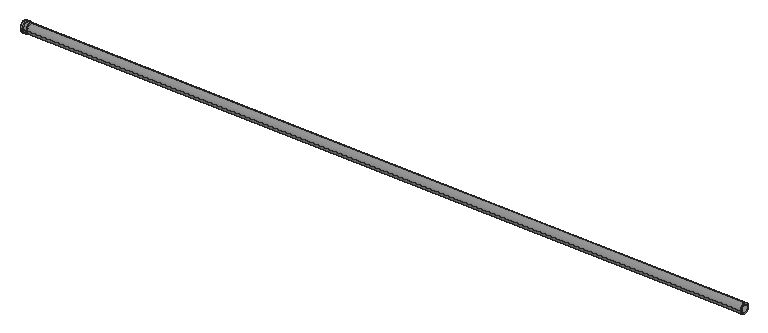
Revit family "PF_ACO PIPE D75X6000 PC 419476", category Pipe Fittings, Revit 2015
Parameters (values of type "ACO PIPE D75X6000 PC 419476")
  URL for TCP = "http://www.tcpbim.co.za"
  URL = "http://www.acobuildingdrainage.co.za"
  Type Comments = ""
  Model = "419476"
  Manufacturer = "ACO"
  Made by = "Tolani Civil Projects cc"
  Description = "ACO PIPE D75xL"
Reference planes
  plane 1 "Center (Front/Back)": y = 0
  plane 2: z = 0
  plane 3 "Center (Left/Right)": x = 0
  plane 4: x = 6000
  plane 5: x = -50
Forms (mm)
  Revolve 1, solid, material "Stainless Steel, Polished"
    sketch origin (5, 0, 0) x (1, 0, 0) y (0, 1, 0)
      loop
        arc (-52.101, -39) -> (-50.953, -39.362) -> (-50.221, -40.316) r 2
        line (-50.221, -40.316) -> (-49.781, -41.526)
        arc (-49.781, -41.526) -> (-48.682, -42.957) -> (-46.962, -43.5) r 3
        line (-46.962, -43.5) -> (-35.038, -43.5)
        arc (-35.038, -43.5) -> (-33.318, -42.957) -> (-32.219, -41.526) r 3
        line (-32.219, -41.526) -> (-31.779, -40.316)
        arc (-31.779, -40.316) -> (-31.047, -39.362) -> (-29.899, -39) r 2
        line (-29.899, -39) -> (-5, -39) -> (0, -37.5) -> (5990, -37.5) -> (5995, -36.5) -> (5995, -35.5) -> (5990, -36.5) -> (0, -36.5) -> (0, -33) -> (-5, -33) -> (-5, -38) -> (-29.899, -38)
        arc (-29.899, -38) -> (-31.62, -38.543) -> (-32.718, -39.974) r 3
        line (-32.718, -39.974) -> (-33.159, -41.184)
        arc (-33.159, -41.184) -> (-33.891, -42.138) -> (-35.038, -42.5) r 2
        line (-35.038, -42.5) -> (-46.962, -42.5)
        arc (-46.962, -42.5) -> (-48.109, -42.138) -> (-48.841, -41.184) r 2
        line (-48.841, -41.184) -> (-49.282, -39.974)
        arc (-49.282, -39.974) -> (-50.38, -38.543) -> (-52.101, -38) r 3
        line (-52.101, -38) -> (-55, -38) -> (-55, -39) -> (-52.101, -39)
      axis (5995, 0) -> (-55, 0)
    angle from 0 to 360
Dimensions and locks
  locked: plane 3 "Center (Left/Right)" to plane 4 at 6000
  plane 5 to plane 4 = 6050 mm
  aligned and locked: level to plane 2
Connectors
  piping at (0, 0, 0), diameter 75
    settings: on Revolve 1, index 1, connector inside diameter 609.6 mm, connector length 0 mm, flow factor 0, pipe flow 0.0 L/s, pressure drop 0.0 Pa, fitting loss kfactor 0, connector angle 0.00°, fixture units 0, engagement length 0 mm, angle of deflection 0.00°, flow configuration 0, flow direction 0, fitting loss method 0, system type 22, joint type 0, gender type 0, connector reference index 2, connector utility 0, adjustable connector no, is connector primary yes, connector description ""
  piping at (6000, 0, 0), diameter 75
    settings: on Revolve 1, index 2, connector inside diameter 609.6 mm, connector length 0 mm, flow factor 0, pipe flow 0.0 L/s, pressure drop 0.0 Pa, fitting loss kfactor 0, connector angle 0.00°, fixture units 0, engagement length 0 mm, angle of deflection 0.00°, flow configuration 0, flow direction 0, fitting loss method 0, system type 22, joint type 0, gender type 0, connector reference index 1, connector utility 0, adjustable connector no, is connector primary no, connector description ""
